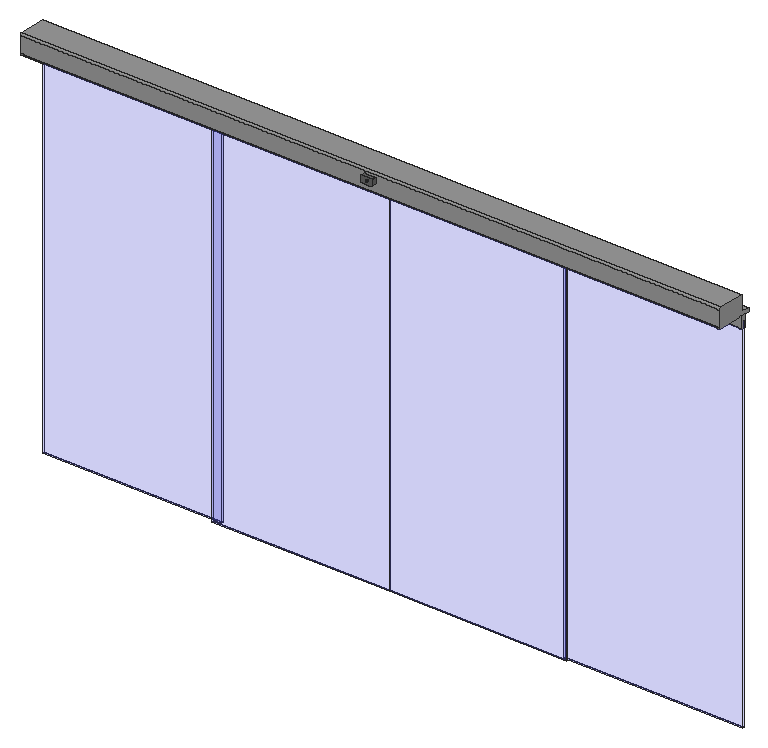
Revit family "2017_Biparting_sliding_fixed", category Puertas, Revit 2017
Family settings
  Anfitrión = Muro
  Número OmniClass = 23.30.10.17.11
  Título OmniClass = Sliding Doors
  Siempre vertical = Sí
  Corte con vacíos al cargar = No
  Compartido = No
  Punto de cálculo de habitación = No
Parameters (values of type "PL 2220 x HL 2400 (A20-1)")
  Uniclass 2.0 Description = "Frameless glass door leaves"  # constant formula
  Uniclass 2.0 Code = "30-59-23-32"  # constant formula
  URL Product = "http://www.manusa.com/es/productos/puertas-automaticas/correderas/puerta-corredera-estandar"
  UNSPSC Code = "30-17-15-10"  # constant formula
  UNSPSC Category = "Automatic doors"  # constant formula
  Top frame = if(or([A20-1], [A20-2], [A20-4]), 1 = 1, 1 = 0)  # yes
  Standard Power Supply 220V [instance] = not(Power supply on request 120V)  # yes
  Safety Control Guide [instance] = if(and([A20-2], [A20-2R], [Safety Guide (optional on A20-2 and A20-2R)]), 1 = 1, 1 = 0)  # no
  Product contact = "Departamento BIM de Manusa"  # constant formula
  Power supply on request 120V [instance] = no
  Power supply [instance] = if(Power supply on request 120V, 120 V, 220 V)  # 220 V
  PL (Free pass) = Calculates PL according to AH  # 2220.000 mm
  Operator = "Manusa Visio 125"  # constant formula
  Opening % Control [instance] = if(Closed, 0, if(Open, 100, Opening %))  # 0
  Opening % = 0
  Open [instance] = no
  Omniclass Title = "Sliding Doors"  # constant formula
  Omniclass Code = "23.30.10.17.11"  # constant formula
  Normal Guide [instance] = if(and(not([Safety Guide (optional on A20-2 and A20-2R)]), or([A20-2], [A20-2R])), 1 = 1, 1 = 0)  # no
  Memory = "BI-PARTING SLIDING DOOR WITH SLIDING AND FIXED LEAVES A20-1 MODEL \r\n\r\nMANUSA automatic sliding door, bi-parting, 2 sliding leaves and 2 fixed leaves, for a space: ……  mm high, ……  mm width, with a ……  mm clear width. The complete doorset is in compliment with the European Standard EN16005 about safety in use in power-operated pedestrian doors. It is composed of the following items:\r\nVISIO 125 operator, certified according to EN60335, composed of: motor group with two three-phase AC motors powered with a single-phase 230V/50Hz network (115V/60Hz on request); position and speed magnetic encoder; control board with performance level “d” according to EN13849 with monitored functioning and motor management system with inverter technology with voltage and frequency independent adjustment (VVVF); Direct Drive transmission (without reduction gear); backup batteries to allow opening and closing of the door in case of power failure (user-configurable). All housed in an extruded aluminium header frame 125 mm high and 180 mm deep in a powder coated / anodized finishing (chart available). Manufactured according to the Standard 9001:1000 of quality management systems.\r\nMANUSA leaves with A20-1 aluminium profiles, consisting of: one top rail 75 mm high and 20 mm thick with a glass fixed with structural silicone, in powder coated / anodized finishing (chart available). Tempered / laminated glass 10 or 12 mm thick.\r\nMANUSA program selector, which allows users to choose between the following modes: automatic, open, closed, exit only and partial opening. This selector is equipped with a digital display that alerts the user of any malfunction, and features as a standard a locking PIN code to protect access to the change-mode function, according to EN16005 for doorsets in escape routes and emergency exits.\r\nMANUSA monitored sensors, with performance level “c” (level “d” if the door is located in escape routes or emergency exits) according to EN13849, in compliance with the Standard EN16005."
  Masterformat Description = "Sliding Composite Doors"  # constant formula
  Masterformat Code = "08-16-73"  # constant formula
  Manual Lock [instance] = no
  Lop (Operator Length) = 2 * PL Control + 100.000 mm  # 4540.000 mm
  Lateral pillar [instance] = no
  URL = "http://www.manusa.com/"
  Opening Projection [instance] = [AM (Mobile Sheet Width)] - (PL Opening Control / 2)  # 1150.000 mm
  Reduced top frame = if(or([A20-1R], [A20-2R]), 1 = 1, 1 = 0)  # no
  IFC Clasification = ""
  HT (Total Height) = [HL (Free Height)] + 125.000 mm  # 2525.000 mm
  HN (Height Required) = [HL (Free Height)] + 135.000 mm  # 2535.000 mm
  HL (Free Height) = HH Control - 28.000 mm  # 2400.000 mm
  HH (hollow height) = 2428.000 mm
  Guides = Plástico puertas correderas manusa
  Glazing = Vidrio Manusa
  Frame = Aluminio Manusa
  Contact phone = "+34 935 915 700"  # constant formula
  Contact Email = " BIM@manusa.com"  # constant formula
  Closed [instance] = yes
  COBie Category = ""
  Bottom frame = if(or([A20-2], [A20-2R], [A20-4]), 1 = 1, 1 = 0)  # no
  PL Control = if([PL (Free pass)] > 2950.000 mm, 2950.000 mm, if([PL (Free pass)] < 950.000 mm, 950.000 mm, [PL (Free pass)]))  # 2220.000 mm
  PL Opening Control [instance] = if(PL Opening > PL Control, PL Control, PL Opening)  # 0.000 mm
  PL Opening [instance] = (Opening % Control / 100) * [PL (Free pass)]  # 0.000 mm
  Safety Guide (optional on A20-2 and A20-2R) [instance] = no
  Admitted glasses = "Laminate 5 + 5mm, Laminate 6 + 6mm, Tempered 10mm, Tempered 12mm"
  Lock NO [instance] = yes
  Automatic Lock [instance] = no
  Modelo = "Automatic Sliding Door"  # constant formula
  Lop Control = if([Lop (Operator Length)] > 6000.000 mm, 6000.000 mm, if([Lop (Operator Length)] < 2000.000 mm, 2000.000 mm, [Lop (Operator Length)]))  # 4540.000 mm
  HL/2 = [HL (Free Height)] / 2  # 1200.000 mm
  HH Control = if([HH (hollow height)] > 3028.000 mm, 3028.000 mm, if([HH (hollow height)] < 1825.000 mm, 1828.000 mm, [HH (hollow height)]))  # 2428.000 mm
  Función = Interior
  Fabricante = "MANUSA"  # constant formula
  Distance to Top Glazing [instance] = if(or([A20-1], [A20-1R], [A20-2], [A20-2R]), 30.000 mm, if([A20-4], 55.000 mm, 0.000 mm))  # 30.000 mm
  Distance Lower Glazing [instance] = if(or([A20-2], [A20-2R]), 30.000 mm, if([A20-4], 55.000 mm, 0.000 mm))  # 0.000 mm
  Descripción = "Central Opening Transparent Sliding Door with 2 Fixed Sheets"  # constant formula
  Type Comments = ""
  Calculates PL according to AH = (AH Control - 100.000 mm) / 2  # 2220.000 mm
  Height side frames = [HN (Height Required)] - 10.000 mm  # 2525.000 mm
  Altura = HH Control  # 2428.000 mm
  Cierre de muro = Por anfitrión
  Anchura = [Lop (Operator Length)]  # 4540.000 mm
  AM (Mobile Sheet Width) = (PL Control / 2) + 40.000 mm  # 1150.000 mm
  AH Control = if([AH (Hollow Width)] > 6000.000 mm, 6000.000 mm, if([AH (Hollow Width)] < 2000.000 mm, 2000.000 mm, [AH (Hollow Width)]))  # 4540.000 mm
  AH (Hollow Width) = 4540.000 mm
  AF (Fixed Sheet Width) = ([Lop (Operator Length)] - 20.000 mm - PL Control) / 2  # 1150.000 mm
  A20-4 = no
  A20-2R = no
  A20-2 = no
  A20-1R = no
  A20-1 = yes
Types (6, lengths in mm): name | Top frame | Normal Guide | Memory | Reduced top frame | Bottom frame | Distance to Top Glazing | Distance Lower Glazing | A20-4 | A20-2R | A20-2 | A20-1R | A20-1
  (no name) | yes | no | "BI-PARTING SLIDING DOOR WITH SLIDING AND FIXED LEAVES A20-1 MODEL \r\n\r\nMANUSA automatic sliding door, bi-parting, 2 sliding leaves and 2 fixed leaves, for a space: ……  mm high, ……  mm width, with a ……  mm clear width. The complete doorset is in compliment with the European Standard EN16005 about safety in use in power-operated pedestrian doors. It is composed of the following items:\r\nVISIO 125 operator, certified according to EN60335, composed of: motor group with two three-phase AC motors powered with a single-phase 230V/50Hz network (115V/60Hz on request); position and speed magnetic encoder; control board with performance level “d” according to EN13849 with monitored functioning and motor management system with inverter technology with voltage and frequency independent adjustment (VVVF); Direct Drive transmission (without reduction gear); backup batteries to allow opening and closing of the door in case of power failure (user-configurable). All housed in an extruded aluminium header frame 125 mm high and 180 mm deep in a powder coated / anodized finishing (chart available). Manufactured according to the Standard 9001:1000 of quality management systems.\r\nMANUSA leaves with A20-1 aluminium profiles, consisting of: one top rail 75 mm high and 20 mm thick with a glass fixed with structural silicone, in powder coated / anodized finishing (chart available). Tempered / laminated glass 10 or 12 mm thick.\r\nMANUSA program selector, which allows users to choose between the following modes: automatic, open, closed, exit only and partial opening. This selector is equipped with a digital display that alerts the user of any malfunction, and features as a standard a locking PIN code to protect access to the change-mode function, according to EN16005 for doorsets in escape routes and emergency exits.\r\nMANUSA monitored sensors, with performance level “c” (level “d” if the door is located in escape routes or emergency exits) according to EN13849, in compliance with the Standard EN16005." | no | no | 30.000 | 0.000 | no | no | no | no | yes
  PL 2220 x HL 2400 (A20-1) | yes | no | "BI-PARTING SLIDING DOOR WITH SLIDING AND FIXED LEAVES A20-1 MODEL \r\n\r\nMANUSA automatic sliding door, bi-parting, 2 sliding leaves and 2 fixed leaves, for a space: ……  mm high, ……  mm width, with a ……  mm clear width. The complete doorset is in compliment with the European Standard EN16005 about safety in use in power-operated pedestrian doors. It is composed of the following items:\r\nVISIO 125 operator, certified according to EN60335, composed of: motor group with two three-phase AC motors powered with a single-phase 230V/50Hz network (115V/60Hz on request); position and speed magnetic encoder; control board with performance level “d” according to EN13849 with monitored functioning and motor management system with inverter technology with voltage and frequency independent adjustment (VVVF); Direct Drive transmission (without reduction gear); backup batteries to allow opening and closing of the door in case of power failure (user-configurable). All housed in an extruded aluminium header frame 125 mm high and 180 mm deep in a powder coated / anodized finishing (chart available). Manufactured according to the Standard 9001:1000 of quality management systems.\r\nMANUSA leaves with A20-1 aluminium profiles, consisting of: one top rail 75 mm high and 20 mm thick with a glass fixed with structural silicone, in powder coated / anodized finishing (chart available). Tempered / laminated glass 10 or 12 mm thick.\r\nMANUSA program selector, which allows users to choose between the following modes: automatic, open, closed, exit only and partial opening. This selector is equipped with a digital display that alerts the user of any malfunction, and features as a standard a locking PIN code to protect access to the change-mode function, according to EN16005 for doorsets in escape routes and emergency exits.\r\nMANUSA monitored sensors, with performance level “c” (level “d” if the door is located in escape routes or emergency exits) according to EN13849, in compliance with the Standard EN16005." | no | no | 30.000 | 0.000 | no | no | no | no | yes
  PL 2220 x HL 2400 (A20-2) | yes | yes | "BI-PARTING SLIDING DOOR WITH SLIDING AND FIXED LEAVES A20-2 MODEL \r\n\r\nMANUSA automatic sliding door, bi-parting, 2 sliding leaves and 2 fixed leaves, for a space: ……  mm high, ……  mm width, with a ……  mm clear width. The complete doorset is in compliment with the European Standard EN16005 about safety in use in power-operated pedestrian doors. It is composed of the following items:\r\nVISIO 125 operator, certified according to EN60335, composed of: motor group with two three-phase AC motors powered with a single-phase 230V/50Hz network (115V/60Hz on request); position and speed magnetic encoder; control board with performance level “d” according to EN13849 with monitored functioning and motor management system with inverter technology with voltage and frequency independent adjustment (VVVF); Direct Drive transmission (without reduction gear); backup batteries to allow opening and closing of the door in case of power failure (user-configurable). All housed in an extruded aluminium header frame 125 mm high and 180 mm deep in a powder coated / anodized finishing (chart available). Manufactured according to the Standard 9001:1000 of quality management systems.\r\nMANUSA leaves with A20-2 aluminium profiles, consisting of: one top rail and one bottom rail 75 mm high and 20 mm thick with a glass fixed with structural silicone, in powder coated / anodized finishing (chart available). Tempered / laminated glass 10 or 12 mm thick.\r\nMANUSA program selector, which allows users to choose between the following modes: automatic, open, closed, exit only and partial opening. This selector is equipped with a digital display that alerts the user of any malfunction, and features as a standard a locking PIN code to protect access to the change-mode function, according to EN16005 for doorsets in escape routes and emergency exits.\r\nMANUSA monitored sensors, with performance level “c” (level “d” if the door is located in escape routes or emergency exits) according to EN13849, in compliance with the Standard EN16005." | no | yes | 30.000 | 30.000 | no | no | yes | no | no
  PL 2220 x HL 2400 (A20-1R) | no | no | "BI-PARTING SLIDING DOOR WITH SLIDING AND FIXED LEAVES A20-1R MODEL\r\n\r\nMANUSA automatic sliding door, bi-parting, 2 sliding leaves and 2 fixed leaves, for a space: ……  mm high, ……  mm width, with a ……  mm clear width. The complete doorset is in compliment with the European Standard EN16005 about safety in use in power-operated pedestrian doors. It is composed of the following items:\r\nVISIO 125 operator, certified according to EN60335, composed of: motor group with two three-phase AC motors powered with a single-phase 230V/50Hz network (115V/60Hz on request); position and speed magnetic encoder; control board with performance level “d” according to EN13849 with monitored functioning and motor management system with inverter technology with voltage and frequency independent adjustment (VVVF); Direct Drive transmission (without reduction gear); backup batteries to allow opening and closing of the door in case of power failure (user-configurable). All housed in an extruded aluminium header frame 125 mm high and 180 mm deep in a powder coated / anodized finishing (chart available). Manufactured according to the Standard 9001:1000 of quality management systems.\r\nMANUSA leaves with A20-1R aluminium profiles, consisting of: one top rail 50 mm high and 20 mm thick with a glass fixed with structural silicone, in powder coated / anodized finishing (chart available). Tempered / laminated glass 10 mm thick.\r\nMANUSA program selector, which allows users to choose between the following modes: automatic, open, closed, exit only and partial opening. This selector is equipped with a digital display that alerts the user of any malfunction, and features as a standard a locking PIN code to protect access to the change-mode function, according to EN16005 for doorsets in escape routes and emergency exits.\r\nMANUSA monitored sensors, with performance level “c” (level “d” if the door is located in escape routes or emergency exits) according to EN13849, in compliance with the Standard EN16005." | yes | no | 30.000 | 0.000 | no | no | no | yes | no
  PL 2220 x HL 2400 (A20-2R) | no | yes | "BI-PARTING SLIDING DOOR WITH SLIDING AND FIXED LEAVES A20-2R MODEL\r\n\r\nMANUSA automatic sliding door, bi-parting, 2 sliding leaves and 2 fixed leaves, for a space: ……  mm high, ……  mm width, with a ……  mm clear width. The complete doorset is in compliment with the European Standard EN16005 about safety in use in power-operated pedestrian doors. It is composed of the following items:\r\nVISIO 125 operator, certified according to EN60335, composed of: motor group with two three-phase AC motors powered with a single-phase 230V/50Hz network (115V/60Hz on request); position and speed magnetic encoder; control board with performance level “d” according to EN13849 with monitored functioning and motor management system with inverter technology with voltage and frequency independent adjustment (VVVF); Direct Drive transmission (without reduction gear); backup batteries to allow opening and closing of the door in case of power failure (user-configurable). All housed in an extruded aluminium header frame 125 mm high and 180 mm deep in a powder coated / anodized finishing (chart available). Manufactured according to the Standard 9001:1000 of quality management systems.\r\nMANUSA leaves with A20-2R aluminium profiles, consisting of: one top rail and one bottom rail 50 mm high and 20 mm thick with a glass fixed with structural silicone, in powder coated / anodized finishing (chart available). Tempered / laminated glass 10 mm thick.\r\nMANUSA program selector, which allows users to choose between the following modes: automatic, open, closed, exit only and partial opening. This selector is equipped with a digital display that alerts the user of any malfunction, and features as a standard a locking PIN code to protect access to the change-mode function, according to EN16005 for doorsets in escape routes and emergency exits.\r\nMANUSA monitored sensors, with performance level “c” (level “d” if the door is located in escape routes or emergency exits) according to EN13849, in compliance with the Standard EN16005." | yes | yes | 30.000 | 30.000 | no | yes | no | no | no
  PL 2220 x HL 2400 (A20-4) | yes | no | "BI-PARTING SLIDING DOOR WITH SLIDING AND FIXED LEAVES A20-4 MODEL \r\n\r\nMANUSA automatic sliding door, bi-parting, 2 sliding leaves and 2 fixed leaves, for a space: ……  mm high, ……  mm width, with a ……  mm clear width. The complete doorset is in compliment with the European Standard EN16005 about safety in use in power-operated pedestrian doors. It is composed of the following items:\r\nVISIO 125 operator, certified according to EN60335, composed of: motor group with two three-phase AC motors powered with a single-phase 230V/50Hz network (115V/60Hz on request); position and speed magnetic encoder; control board with performance level “d” according to EN13849 with monitored functioning and motor management system with inverter technology with voltage and frequency independent adjustment (VVVF); Direct Drive transmission (without reduction gear); backup batteries to allow opening and closing of the door in case of power failure (user-configurable). All housed in an extruded aluminium header frame 125 mm high and 180 mm deep in a powder coated / anodized finishing (chart available). Manufactured according to the Standard 9001:1000 of quality management systems.\r\nMANUSA leaves with A20-4 aluminium profiles, consisting of: full-framed glass with 20 mm thick aluminium profile, in powder coated / anodized finishing (chart available). Tempered / laminated glass 8 or 10 mm thick.\r\nMANUSA program selector, which allows users to choose between the following modes: automatic, open, closed, exit only and partial opening. This selector is equipped with a digital display that alerts the user of any malfunction, and features as a standard a locking PIN code to protect access to the change-mode function, according to EN16005 for doorsets in escape routes and emergency exits.\r\nMANUSA monitored sensors, with performance level “c” (level “d” if the door is located in escape routes or emergency exits) according to EN13849, in compliance with the Standard EN16005." | no | yes | 55.000 | 55.000 | yes | no | no | no | no
Reference planes
  plane 1: y = 0
  plane 2 "Centro (Izquierda/Derecha)": x = 0
  plane 3 "Izquierda": x = -2270
  plane 4 "Derecha": x = 2270
  plane 5: z = 2428
  plane 6 "Exterior": y = 73.975
  plane 7 "Interior": y = -76.025
  plane 8 "AM derecha": x = 1150
  plane 9 "AM izquierda": x = -1150
  plane 10 "AM derecha C": x = 0
  plane 11 "AM izquierda C": x = 0
  plane 12 "AF izquierda": x = -1110
  plane 13 "AF derecha": x = 1110
  plane 14: z = 2535
  plane 15: z = 2400
  plane 16 "HF": y = -63.525
  plane 17 "HM": y = -93.525
  plane 18: z = 1200
Forms (mm)
  Extrusion 1, solid, material "Aluminio Manusa" <- "Frame", visible <- "Lateral pillar", detail levels medium+fine
    sketch origin (0, 0, 0) x (1, 0, 0) y (0, 1, 0)
      loop
        arc (2273, -76.025) -> (2270.879, -76.904) -> (2270, -79.025) r 3
        line (2270, -79.025) -> (2270, -140.868) -> (2271.122, -140.868) -> (2270, -142.356) -> (2270, -145.829) -> (2320, -145.829) -> (2320, -142.356) -> (2318.878, -140.868) -> (2320, -140.868) -> (2320, -79.025)
        arc (2320, -79.025) -> (2319.121, -76.904) -> (2317, -76.025) r 3
        line (2317, -76.025) -> (2273, -76.025)
      loop
        line (-2273, -76.025) -> (-2317, -76.025)
        arc (-2317, -76.025) -> (-2319.121, -76.904) -> (-2320, -79.025) r 3
        line (-2320, -79.025) -> (-2320, -140.868) -> (-2318.878, -140.868) -> (-2320, -142.356) -> (-2320, -145.829) -> (-2270, -145.829) -> (-2270, -142.356) -> (-2271.122, -140.868) -> (-2270, -140.868) -> (-2270, -79.025)
        arc (-2270, -79.025) -> (-2270.879, -76.904) -> (-2273, -76.025) r 3
    from 0 to 2525 <- "Height side frames"
  Extrusion 2, solid, material "Aluminio Manusa" <- "Frame", detail levels medium+fine
    sketch origin (0, 0, 0) x (0, 1, 0) y (0, 0, 1)
      loop
        line (-76.025, 2428) -> (-76.025, 2525.001) -> (-245.061, 2525.001)
        arc (-245.061, 2525.001) -> (-252.132, 2522.072) -> (-255.061, 2515.001) r 10
        line (-255.061, 2515.001) -> (-255.061, 2410.001)
        arc (-255.061, 2410.001) -> (-252.132, 2402.93) -> (-245.061, 2400.001) r 10
        line (-245.061, 2400.001) -> (-106.025, 2400.001) -> (-106.025, 2408) -> (-76.025, 2408) -> (-76.025, 2400) -> (-26.025, 2400) -> (-26.025, 2428) -> (-76.025, 2428)
    from -2270 to 2270
  Extrusion 3, solid, material "Plástico puertas correderas manusa" <- "Guides", visible <- "Normal Guide", detail levels fine
    sketch origin (-1110, 0, 0) x (0, 0, 1) y (0, -1, 0)
      loop
        line (18, 90.525) -> (18, 96.525) -> (3, 96.525) -> (3, 105.007) -> (18, 105.007) -> (18, 109.007) -> (14.991, 109.007)
        arc (14.991, 109.007) -> (14.284, 109.3) -> (13.991, 110.007) r 1
        line (13.991, 110.007) -> (6.25, 132.495)
        arc (6.25, 132.495) -> (4.659, 133.323) -> (2.877, 133.526) r 4.922
        line (2.877, 133.526) -> (0, 133.526) -> (0, 76.025) -> (3, 76.025) -> (3, 90.525) -> (18, 90.525)
    from -80 to 0
  Extrusion 4, solid, material "Plástico puertas correderas manusa" <- "Guides", detail levels fine
    sketch origin (0, -76.025, 0) x (1, 0, 0) y (0, 0, 1)
      loop
        arc (-37.5, 2460.593) -> (0, 2455.986) -> (37.5, 2460.593) r 154.914
        line (37.5, 2460.593) -> (37.5, 2497.062)
        arc (37.5, 2497.062) -> (36.466, 2499.559) -> (33.968, 2500.593) r 3.532
        line (33.968, 2500.593) -> (-33.968, 2500.593)
        arc (-33.968, 2500.593) -> (-36.466, 2499.559) -> (-37.5, 2497.062) r 3.532
        line (-37.5, 2497.062) -> (-37.5, 2460.593)
    from 179.036 to 205
  Extrusion 5, solid, material "Vidrio Manusa" <- "Glazing"
    sketch origin (0, -0.012, 0) x (1, 0, 0) y (0, 1, 0)
      loop
        line (-1110, -57.513) -> (-2270, -57.513) -> (-2270, -69.513) -> (-1110, -69.513) -> (-1110, -57.513)
      loop
        line (1110, -57.513) -> (1110, -69.513) -> (2270, -69.513) -> (2270, -57.513) -> (1110, -57.513)
    from 0 to 2370
  Extrusion 6, solid, material "Aluminio Manusa" <- "Frame", visible <- "Top frame", detail levels medium+fine
    sketch origin (1110, 165, 1972) x (0, 0, -1) y (0, -1, 0)
      loop
        arc (-354.5, 216.025) -> (-353.439, 216.465) -> (-353, 217.525) r 1.5
        line (-353, 217.525) -> (-353, 221.511) -> (-398, 221.511) -> (-398, 235.54) -> (-353, 235.54) -> (-353, 239.525)
        arc (-353, 239.525) -> (-353.439, 240.586) -> (-354.5, 241.025) r 1.5
        line (-354.5, 241.025) -> (-428, 241.025) -> (-428, 216.025) -> (-354.5, 216.025)
    from 0 to -1160
  Extrusion 7, solid, material "Aluminio Manusa" <- "Frame", visible <- "Bottom frame", detail levels medium+fine
    sketch origin (1110, 165, 0) x (0, 0, 1) y (0, 1, 0)
      loop
        line (73.5, -216.025) -> (0, -216.025) -> (0, -241.025) -> (73.5, -241.025)
        arc (73.5, -241.025) -> (74.561, -240.586) -> (75, -239.525) r 1.5
        line (75, -239.525) -> (75, -235.54) -> (30, -235.54) -> (30, -221.511) -> (75, -221.511) -> (75, -217.525)
        arc (75, -217.525) -> (74.561, -216.465) -> (73.5, -216.025) r 1.5
    from 0 to -1160
  Extrusion 8, solid, material "Aluminio Manusa" <- "Frame", visible <- "Bottom frame", detail levels medium+fine
    sketch origin (-1110, -100, 0) x (0, 0, 1) y (0, -1, 0)
      loop
        arc (73.5, -48.975) -> (74.561, -48.535) -> (75, -47.475) r 1.5
        line (75, -47.475) -> (75, -43.489) -> (30, -43.489) -> (30, -29.46) -> (75, -29.46) -> (75, -25.475)
        arc (75, -25.475) -> (74.561, -24.414) -> (73.5, -23.975) r 1.5
        line (73.5, -23.975) -> (0, -23.975) -> (0, -48.975) -> (73.5, -48.975)
    from 0 to -1160
  Extrusion 9, solid, material "Aluminio Manusa" <- "Frame", visible <- "Bottom frame", detail levels medium+fine
    sketch origin (-1110, -127.5, 8) x (0, 0, 1) y (0, -1, 0)
      loop
        arc (73.5, -46.475) -> (74.561, -46.035) -> (75, -44.975) r 1.5
        line (75, -44.975) -> (75, -40.989) -> (30, -40.989) -> (30, -26.96) -> (75, -26.96) -> (75, -22.975)
        arc (75, -22.975) -> (74.561, -21.914) -> (73.5, -21.475) r 1.5
        line (73.5, -21.475) -> (0, -21.475) -> (0, -26.96) -> (20, -26.96) -> (20, -40.989) -> (0, -40.989) -> (0, -46.475) -> (73.5, -46.475)
    from 1110 to -40
  Extrusion 10, solid, material "Aluminio Manusa" <- "Frame", visible <- "Bottom frame", detail levels medium+fine
    sketch origin (1110, 100, 0) x (0, 0, 1) y (0, 1, 0)
      loop
        line (81.5, -181.025) -> (8, -181.025) -> (8, -186.511) -> (28, -186.511) -> (28, -200.539) -> (8, -200.539) -> (8, -206.025) -> (81.5, -206.025)
        arc (81.5, -206.025) -> (82.561, -205.585) -> (83, -204.525) r 1.5
        line (83, -204.525) -> (83, -200.539) -> (38, -200.539) -> (38, -186.511) -> (83, -186.511) -> (83, -182.525)
        arc (83, -182.525) -> (82.561, -181.464) -> (81.5, -181.025) r 1.5
    from 1110 to -40
  Extrusion 11, solid, material "Aluminio Manusa" <- "Frame", visible <- "Top frame", detail levels medium+fine
    sketch origin (-1110, -100, 0) x (0, 0, 1) y (0, -1, 0)
      loop
        line (2326.5, -48.975) -> (2400, -48.975) -> (2400, -23.975) -> (2326.5, -23.975)
        arc (2326.5, -23.975) -> (2325.439, -24.414) -> (2325, -25.475) r 1.5
        line (2325, -25.475) -> (2325, -29.46) -> (2370, -29.46) -> (2370, -43.489) -> (2325, -43.489) -> (2325, -47.475)
        arc (2325, -47.475) -> (2325.439, -48.535) -> (2326.5, -48.975) r 1.5
    from 0 to -1160
  Extrusion 12, solid, material "Aluminio Manusa" <- "Frame", visible <- "Top frame", detail levels medium+fine
    sketch origin (-1110, -127.5, 8) x (0, 0, 1) y (0, -1, 0)
      loop
        line (2326.5, -46.475) -> (2400, -46.475) -> (2400, -21.475) -> (2326.5, -21.475)
        arc (2326.5, -21.475) -> (2325.439, -21.914) -> (2325, -22.975) r 1.5
        line (2325, -22.975) -> (2325, -26.96) -> (2370, -26.96) -> (2370, -40.989) -> (2325, -40.989) -> (2325, -44.975)
        arc (2325, -44.975) -> (2325.439, -46.035) -> (2326.5, -46.475) r 1.5
    from 1110 to -40
  Extrusion 13, solid, material "Plástico puertas correderas manusa" <- "Guides", visible <- "Normal Guide", detail levels fine
    sketch origin (1110, 100, 0) x (0, 0, 1) y (0, 1, 0)
      loop
        line (18, -190.525) -> (3, -190.525) -> (3, -176.025) -> (0, -176.025) -> (0, -233.526) -> (2.877, -233.526)
        arc (2.877, -233.526) -> (4.659, -233.323) -> (6.25, -232.495) r 4.922
        line (6.25, -232.495) -> (13.991, -210.007)
        arc (13.991, -210.007) -> (14.284, -209.3) -> (14.991, -209.007) r 1
        line (14.991, -209.007) -> (18, -209.007) -> (18, -205.007) -> (3, -205.007) -> (3, -196.525) -> (18, -196.525) -> (18, -190.525)
    from -80 to 0
  Extrusion 14, solid, material "Aluminio Manusa" <- "Frame", visible <- "Top frame", detail levels medium+fine
    sketch origin (1110, 100, 0) x (0, 0, 1) y (0, 1, 0)
      loop
        arc (2334.5, -181.025) -> (2333.439, -181.465) -> (2333, -182.525) r 1.5
        line (2333, -182.525) -> (2333, -186.511) -> (2378, -186.511) -> (2378, -200.539) -> (2333, -200.539) -> (2333, -204.525)
        arc (2333, -204.525) -> (2333.439, -205.585) -> (2334.5, -206.025) r 1.5
        line (2334.5, -206.025) -> (2408, -206.025) -> (2408, -181.025) -> (2334.5, -181.025)
    from 1110 to -40
  Extrusion 15, solid, material "Plástico puertas correderas manusa" <- "Guides", visible <- "Safety Control Guide", detail levels fine
    sketch origin (2270, 0, 0) x (0, -1, 0) y (0, 0, 1)
      loop
        line (76.025, 0) -> (81.025, 0) -> (81.025, -22) -> (106.025, -22) -> (106.025, 0) -> (108.525, 0) -> (108.525, 1.5) -> (100.025, 1.5) -> (100.025, -2.675) -> (102.025, -2.675) -> (102.025, -17.675) -> (85.025, -17.675) -> (85.025, -2.675) -> (87.025, -2.675) -> (87.025, 1.5) -> (76.025, 1.5) -> (76.025, 0)
    from 0 to 4540 <- "Lop Control"
  Extrusion 16, solid, material "Aluminio Manusa" <- "Frame", detail levels fine
    sketch origin (0, -76.025, 0) x (1, 0, 0) y (0, 0, 1)
      loop
        circle (0, 2478.827) r 7.423
      loop
        line (2.981, 2481.968) -> (-2.981, 2481.968) -> (-2.981, 2480.863) -> (2.981, 2480.863) -> (2.981, 2481.968)
      loop
        line (-1.471, 2479.873) -> (-4.326, 2479.873) -> (-4.326, 2475.739) -> (-1.471, 2475.739) -> (-1.471, 2479.873)
      loop
        line (1.471, 2479.873) -> (1.471, 2475.739) -> (4.326, 2475.739) -> (4.326, 2479.873) -> (1.471, 2479.873)
    from 205 to 206
  Extrusion 17, solid, material "Vidrio Manusa" <- "Glazing"
    sketch origin (0, 0, 0) x (1, 0, 0) y (0, 1, 0)
      loop
        line (-1150, -99.525) -> (0, -99.525) -> (0, -87.525) -> (-1150, -87.525) -> (-1150, -99.525)
    from 2378 to 8
  Extrusion 18, solid, material "Vidrio Manusa" <- "Glazing"
    sketch origin (0, 0, 0) x (1, 0, 0) y (0, 1, 0)
      loop
        line (0, -99.525) -> (1150, -99.525) -> (1150, -87.525) -> (0, -87.525) -> (0, -99.525)
    from 8 to 2378
  Extrusion 19, solid, material "Plástico puertas correderas manusa" <- "Guides", visible <- "Safety Control Guide", detail levels fine
    sketch origin (-1150, 0, 0) x (0, 0, 1) y (0, 1, 0)
      loop
        line (27, -87.511) -> (15, -87.511) -> (15, -91.511) -> (7, -91.511) -> (7, -88.511) -> (-13, -88.511) -> (-13, -98.539) -> (7, -98.539) -> (7, -95.539) -> (15, -95.539) -> (15, -99.539) -> (27, -99.539) -> (27, -87.511)
    from 0 to -1150
  Extrusion 20, solid, material "Plástico puertas correderas manusa" <- "Guides", visible <- "Safety Control Guide", detail levels fine
    sketch origin (1150, 0, 0) x (0, 0, 1) y (0, -1, 0)
      loop
        line (27, 87.511) -> (27, 99.539) -> (15, 99.539) -> (15, 95.539) -> (7, 95.539) -> (7, 98.539) -> (-13, 98.539) -> (-13, 88.511) -> (7, 88.511) -> (7, 91.511) -> (15, 91.511) -> (15, 87.511) -> (27, 87.511)
    from 0 to -1150
  Extrusion 21, solid, material "Aluminio Manusa" <- "Frame", visible <- "Reduced top frame", detail levels medium+fine
    sketch origin (1110, 165, 1997) x (0, 0, -1) y (0, -1, 0)
      loop
        arc (-354.5, 216.025) -> (-353.439, 216.465) -> (-353, 217.525) r 1.5
        line (-353, 217.525) -> (-353, 221.511) -> (-373, 221.511) -> (-373, 235.54) -> (-353, 235.54) -> (-353, 239.525)
        arc (-353, 239.525) -> (-353.439, 240.586) -> (-354.5, 241.025) r 1.5
        line (-354.5, 241.025) -> (-403, 241.025) -> (-403, 216.025) -> (-354.5, 216.025)
    from 0 to -1160
  Extrusion 22, solid, material "Aluminio Manusa" <- "Frame", visible <- "Reduced top frame", detail levels medium+fine
    sketch origin (1110, 100, 25) x (0, 0, 1) y (0, 1, 0)
      loop
        arc (2334.5, -181.025) -> (2333.439, -181.465) -> (2333, -182.525) r 1.5
        line (2333, -182.525) -> (2333, -186.511) -> (2353, -186.511) -> (2353, -200.539) -> (2333, -200.539) -> (2333, -204.525)
        arc (2333, -204.525) -> (2333.439, -205.585) -> (2334.5, -206.025) r 1.5
        line (2334.5, -206.025) -> (2383, -206.025) -> (2383, -181.025) -> (2334.5, -181.025)
    from 1110 to -40
  Extrusion 23, solid, material "Aluminio Manusa" <- "Frame", visible <- "Reduced top frame", detail levels medium+fine
    sketch origin (-1110, 165, 1997) x (0, 0, -1) y (0, 1, 0)
      loop
        line (-354.5, -216.025) -> (-403, -216.025) -> (-403, -241.025) -> (-354.5, -241.025)
        arc (-354.5, -241.025) -> (-353.439, -240.586) -> (-353, -239.525) r 1.5
        line (-353, -239.525) -> (-353, -235.54) -> (-373, -235.54) -> (-373, -221.511) -> (-353, -221.511) -> (-353, -217.525)
        arc (-353, -217.525) -> (-353.439, -216.465) -> (-354.5, -216.025) r 1.5
    from 0 to -1160
  Extrusion 24, solid, material "Aluminio Manusa" <- "Frame", visible <- "Reduced top frame", detail levels medium+fine
    sketch origin (-1110, 100, 25) x (0, 0, 1) y (0, -1, 0)
      loop
        line (2334.5, 181.025) -> (2383, 181.025) -> (2383, 206.025) -> (2334.5, 206.025)
        arc (2334.5, 206.025) -> (2333.439, 205.585) -> (2333, 204.525) r 1.5
        line (2333, 204.525) -> (2333, 200.539) -> (2353, 200.539) -> (2353, 186.511) -> (2333, 186.511) -> (2333, 182.525)
        arc (2333, 182.525) -> (2333.439, 181.465) -> (2334.5, 181.025) r 1.5
    from 1110 to -40
  Extrusion 25, solid, material "Aluminio Manusa" <- "Frame", visible <- "A20-4"
    sketch origin (0, 0, 0) x (0, 1, 0) y (0, 0, 1)
      loop
        line (-100.539, 38) -> (-86.511, 38) -> (-86.511, 63) -> (-100.539, 63) -> (-100.539, 38)
    from 0 to 1150
  Extrusion 26, solid, material "Aluminio Manusa" <- "Frame", visible <- "A20-4"
    sketch origin (0, 30, -8) x (0, 1, 0) y (0, 0, 1)
      loop
        line (-100.539, 38) -> (-86.511, 38) -> (-86.511, 63) -> (-100.539, 63) -> (-100.539, 38)
    from 1110 to 2270
  Extrusion 27, solid, material "Aluminio Manusa" <- "Frame", visible <- "A20-4"
    sketch origin (0, 0, 0) x (0, 1, 0) y (0, 0, -1)
      loop
        line (-100.539, -38) -> (-100.539, -63) -> (-86.511, -63) -> (-86.511, -38) -> (-100.539, -38)
    from 0 to 1150
  Extrusion 28, solid, material "Aluminio Manusa" <- "Frame", visible <- "A20-4"
    sketch origin (0, 30, -8) x (0, 1, 0) y (0, 0, -1)
      loop
        line (-100.539, -38) -> (-100.539, -63) -> (-86.511, -63) -> (-86.511, -38) -> (-100.539, -38)
    from 1110 to 2270
Lines and regions (mm)
  Opening 1
    outline origin (-3050, -76.025, 0) x (1, 0, 0) y (0, 0, 1)
      loop
        line (780, 0) -> (5320, 0) -> (5320, 2428) -> (780, 2428) -> (780, 0)
  symbolic lines, style "DoorsGlassProjection"
    curve 1: line (-90, -76.025, 1150) -> (-90, -76.025, 1250)
    curve 2: line (-90, -76.025, 1250) -> (-330, -76.025, 1250)
    curve 3: line (-330, -76.025, 1250) -> (-330, -76.025, 1320)
    curve 4: line (-330, -76.025, 1320) -> (-450, -76.025, 1200)
    curve 5: line (-90, -76.025, 1150) -> (-330, -76.025, 1150)
    curve 6: line (-330, -76.025, 1150) -> (-330, -76.025, 1080)
    curve 7: line (-330, -76.025, 1080) -> (-450, -76.025, 1200)
    curve 11: line (90, -76.025, 1150) -> (90, -76.025, 1250)
    curve 12: line (90, -76.025, 1250) -> (330, -76.025, 1250)
    curve 13: line (330, -76.025, 1250) -> (330, -76.025, 1320)
    curve 14: line (330, -76.025, 1320) -> (450, -76.025, 1200)
    curve 15: line (90, -76.025, 1150) -> (330, -76.025, 1150)
    curve 16: line (330, -76.025, 1150) -> (330, -76.025, 1080)
    curve 17: line (330, -76.025, 1080) -> (450, -76.025, 1200)
    curve 18: line (-1110, -57.525, 0) -> (-2270, -57.525, 0)
    curve 19: line (-1110, -69.525, 0) -> (-1110, -57.525, 0)
    curve 20: line (-2270, -69.525, 0) -> (-1110, -69.525, 0)
    curve 21: line (-2270, -57.525, 0) -> (-2270, -69.525, 0)
    curve 22: line (0, -87.525, 0) -> (-1150, -87.525, 0)
    curve 23: line (0, -99.525, 0) -> (0, -87.525, 0)
    curve 24: line (-1150, -99.525, 0) -> (0, -99.525, 0)
    curve 25: line (-1150, -87.525, 0) -> (-1150, -99.525, 0)
    curve 26: line (1150, -87.525, 0) -> (0, -87.525, 0)
    curve 27: line (1150, -99.525, 0) -> (1150, -87.525, 0)
    curve 28: line (0, -99.525, 0) -> (1150, -99.525, 0)
    curve 29: line (0, -87.525, 0) -> (0, -99.525, 0)
    curve 30: line (2270, -57.525, 0) -> (1110, -57.525, 0)
    curve 31: line (2270, -69.525, 0) -> (2270, -57.525, 0)
    curve 32: line (1110, -69.525, 0) -> (2270, -69.525, 0)
    curve 33: line (1110, -57.525, 0) -> (1110, -69.525, 0)
  symbolic lines, style "DoorsHiddenLines"
    curve 8: line (-2270, -76.025, 0) -> (-2270, -256.025, 0)
    curve 9: line (-2270, -256.025, 0) -> (2270, -256.025, 0)
    curve 10: line (2270, -256.025, 0) -> (2270, -76.025, 0)
Text (mm)
  text "Exterior" at (-2295.016, 1099.543, 0), in view "Nivel de referencia"
  text "Exterior" at (0, 1615.38, 3698.081), in view "Izquierda"
  text "Exterior" at (0, 1036.032, 3874.932), in view "Derecha"
Dimensions and locks
  equal spacing: plane 3 "Izquierda", plane 2 "Centro (Izquierda/Derecha)", plane 4 "Derecha"
  "Lop Control": plane 3 "Izquierda" to plane 4 "Derecha"
  host wall to plane 5 = 2752.572 mm  (x2)
  locked: plane 6 "Exterior" to host wall at 0
  locked: plane 7 "Interior" to host wall
  plane 4 "Derecha" to Extrusion 1 sketch curve to Extrusion 1 sketch curve to Extrusion 1 sketch curve to Extrusion 1 sketch curve = 1.122 mm locked, 47.756 mm locked, 1.122 mm locked, 0.000 mm locked
  Extrusion 1 sketch curve to Extrusion 1 sketch curve to Extrusion 1 sketch curve to Extrusion 1 sketch curve to Extrusion 1 sketch curve to Extrusion 1 sketch curve to Extrusion 1 sketch curve to plane 7 "Interior" = 3.473 mm locked, 0.000 mm locked, 1.489 mm locked, 0.000 mm locked, 61.843 mm locked, 0.000 mm locked, 3.000 mm locked  (x2)
  Extrusion 1 sketch curve to Extrusion 1 sketch curve to Extrusion 1 sketch curve to Extrusion 1 sketch curve to Extrusion 1 sketch curve to Extrusion 1 sketch curve to plane 3 "Izquierda" = 0.000 mm locked, 1.122 mm locked, 1.878 mm locked, 44.000 mm locked, 1.878 mm locked, 1.122 mm locked
  "PL Opening Control": plane 11 "AM izquierda C" to plane 10 "AM derecha C"
  equal spacing: plane 11 "AM izquierda C", plane 2 "Centro (Izquierda/Derecha)", plane 10 "AM derecha C"
  "HL (Free Height)": plane 15 to level
  "HN (Height Required)": plane 14 to level
  Extrusion 3 to plane 12 "AF izquierda" = 80.000 mm
  "PL Control": plane 13 "AF derecha" to plane 12 "AF izquierda"
  equal spacing: plane 13 "AF derecha", plane 2 "Centro (Izquierda/Derecha)", plane 12 "AF izquierda"
  locked: plane 16 "HF" to plane 7 "Interior" at 12.5
  Extrusion 6 sketch curve to Extrusion 6 sketch curve to Extrusion 6 sketch curve to plane 16 "HF" = 1.500 mm locked, 3.986 mm locked, 7.014 mm locked
  plane 16 "HF" to Extrusion 6 sketch curve to Extrusion 6 sketch curve to Extrusion 6 sketch curve = 7.014 mm locked, 3.985 mm locked, 1.500 mm locked
  Extrusion 6 sketch curve to Extrusion 6 sketch curve to Extrusion 6 sketch curve to Extrusion 6 sketch curve to Extrusion 6 sketch curve to plane 15 = 0.000 mm locked, 1.500 mm locked, 0.000 mm locked, 43.500 mm, 30.000 mm
  Extrusion 2 sketch curve to Extrusion 2 sketch curve to Extrusion 2 sketch curve to Extrusion 2 sketch curve to Extrusion 2 sketch curve = 30.000 mm locked, 139.036 mm locked, 0.000 mm locked, 10.000 mm locked
  plane 5 to Extrusion 2 sketch curve to Extrusion 2 sketch curve = 87.001 mm locked, 10.000 mm locked
  Extrusion 2 sketch curve to Extrusion 2 sketch curve to Extrusion 2 sketch curve to Extrusion 2 sketch curve to plane 5 = 0.001 mm locked, 7.999 mm locked, 2.001 mm locked, 17.999 mm locked
  locked: plane 7 "Interior" to plane 17 "HM" at 17.5
  Extrusion 7 sketch curve to Extrusion 7 sketch curve to Extrusion 7 sketch curve to plane 16 "HF" = 1.500 mm locked, 3.986 mm locked, 7.014 mm locked
  plane 16 "HF" to Extrusion 7 sketch curve to Extrusion 7 sketch curve to Extrusion 7 sketch curve = 7.014 mm locked, 3.985 mm locked, 1.500 mm locked
  Extrusion 7 sketch curve to Extrusion 7 sketch curve to Extrusion 7 sketch curve to Extrusion 7 sketch curve to Extrusion 7 sketch curve to level = 0.000 mm locked, 1.500 mm locked, 0.000 mm locked, 43.500 mm, 30.000 mm
  Extrusion 8 sketch curve to Extrusion 8 sketch curve to Extrusion 8 sketch curve to Extrusion 8 sketch curve to Extrusion 8 sketch curve to level = 0.000 mm locked, 1.500 mm locked, 0.000 mm locked, 43.500 mm, 30.000 mm
  Extrusion 8 sketch curve to Extrusion 8 sketch curve to Extrusion 8 sketch curve to plane 16 "HF" = 1.500 mm locked, 3.986 mm locked, 7.014 mm locked
  plane 16 "HF" to Extrusion 8 sketch curve to Extrusion 8 sketch curve to Extrusion 8 sketch curve = 7.014 mm locked, 3.985 mm locked, 1.500 mm locked
  Extrusion 9 sketch curve to Extrusion 9 sketch curve to Extrusion 9 sketch curve to Extrusion 9 sketch curve to Extrusion 9 sketch curve to Extrusion 9 sketch curve to Extrusion 9 sketch curve to Extrusion 9 sketch curve to level = 0.000 mm locked, 1.500 mm locked, 0.000 mm locked, 43.500 mm, 10.000 mm, 20.000 mm locked, 0.000 mm locked, 8.000 mm locked
  Extrusion 9 sketch curve to Extrusion 9 sketch curve to Extrusion 9 sketch curve to Extrusion 9 sketch curve to plane 17 "HM" = 1.500 mm locked, 3.986 mm locked, 0.000 mm locked, 7.014 mm locked
  plane 17 "HM" to Extrusion 9 sketch curve to Extrusion 9 sketch curve to Extrusion 9 sketch curve to Extrusion 9 sketch curve = 7.014 mm locked, 0.000 mm locked, 3.985 mm locked, 1.500 mm locked
  Extrusion 10 sketch curve to Extrusion 10 sketch curve to Extrusion 10 sketch curve to Extrusion 10 sketch curve to Extrusion 10 sketch curve to Extrusion 10 sketch curve to Extrusion 10 sketch curve to Extrusion 10 sketch curve to level = 0.000 mm locked, 1.500 mm locked, 0.000 mm locked, 43.500 mm, 10.000 mm, 20.000 mm locked, 0.000 mm locked, 8.000 mm locked
  Extrusion 10 sketch curve to Extrusion 10 sketch curve to Extrusion 10 sketch curve to Extrusion 10 sketch curve to plane 17 "HM" = 1.500 mm locked, 3.986 mm locked, 0.000 mm locked, 7.014 mm locked
  plane 17 "HM" to Extrusion 10 sketch curve to Extrusion 10 sketch curve to Extrusion 10 sketch curve to Extrusion 10 sketch curve = 7.014 mm locked, 0.000 mm locked, 3.985 mm locked, 1.500 mm locked
  Extrusion 11 sketch curve to Extrusion 11 sketch curve to Extrusion 11 sketch curve to Extrusion 11 sketch curve to Extrusion 11 sketch curve to plane 15 = 0.000 mm locked, 1.500 mm locked, 0.000 mm locked, 43.500 mm, 30.000 mm
  Extrusion 11 sketch curve to Extrusion 11 sketch curve to Extrusion 11 sketch curve to plane 16 "HF" = 1.500 mm locked, 3.986 mm locked, 7.014 mm locked
  plane 16 "HF" to Extrusion 11 sketch curve to Extrusion 11 sketch curve to Extrusion 11 sketch curve = 7.014 mm locked, 3.985 mm locked, 1.500 mm locked
  Extrusion 12 sketch curve to Extrusion 12 sketch curve to Extrusion 12 sketch curve to plane 17 "HM" = 1.500 mm locked, 3.986 mm locked, 7.014 mm locked
  plane 17 "HM" to Extrusion 12 sketch curve to Extrusion 12 sketch curve to Extrusion 12 sketch curve = 7.014 mm locked, 3.985 mm locked, 1.500 mm locked
  locked: plane 15 to Extrusion 12 sketch curve at 8
  Extrusion 12 sketch curve to Extrusion 12 sketch curve to Extrusion 12 sketch curve to Extrusion 12 sketch curve to Extrusion 12 sketch curve to plane 15 = 0.000 mm locked, 1.500 mm locked, 0.000 mm locked, 43.500 mm, 22.000 mm
  "Distance to Top Glazing": Extrusion 5 to plane 15
  "Distance Lower Glazing": Extrusion 5 to level
  Extrusion 3 sketch curve to Extrusion 3 sketch curve to Extrusion 3 sketch curve to Extrusion 3 sketch curve to Extrusion 3 sketch curve to Extrusion 3 sketch curve to level = 0.000 mm locked, 3.009 mm locked, 11.771 mm locked, 0.220 mm locked, 0.000 mm locked, 3.000 mm locked
  plane 7 "Interior" to Extrusion 3 sketch curve to Extrusion 3 sketch curve to Extrusion 3 sketch curve to Extrusion 3 sketch curve to Extrusion 3 sketch curve to Extrusion 3 sketch curve to Extrusion 3 sketch curve = 14.500 mm locked, 6.000 mm locked, 8.482 mm locked, 4.000 mm locked, 1.000 mm locked, 18.609 mm locked, 4.910 mm locked
  Extrusion 13 sketch curve to Extrusion 13 sketch curve to Extrusion 13 sketch curve to Extrusion 13 sketch curve to Extrusion 13 sketch curve to Extrusion 13 sketch curve to level = 0.000 mm locked, 3.009 mm locked, 11.771 mm locked, 0.220 mm locked, 0.000 mm locked, 3.000 mm locked
  plane 7 "Interior" to Extrusion 13 sketch curve to Extrusion 13 sketch curve to Extrusion 13 sketch curve to Extrusion 13 sketch curve to Extrusion 13 sketch curve to Extrusion 13 sketch curve to Extrusion 13 sketch curve = 14.500 mm locked, 6.000 mm locked, 8.482 mm locked, 4.000 mm locked, 1.000 mm locked, 18.609 mm locked, 4.910 mm locked
  locked: plane 13 "AF derecha" to Extrusion 13 at 80
  locked: plane 15 to Extrusion 14 sketch curve at 8
  Extrusion 14 sketch curve to Extrusion 14 sketch curve to Extrusion 14 sketch curve to Extrusion 14 sketch curve to Extrusion 14 sketch curve to plane 15 = 0.000 mm locked, 1.500 mm locked, 0.000 mm locked, 43.500 mm, 22.000 mm
  Extrusion 14 sketch curve to Extrusion 14 sketch curve to Extrusion 14 sketch curve to plane 17 "HM" = 1.500 mm locked, 3.986 mm locked, 7.014 mm locked
  plane 17 "HM" to Extrusion 14 sketch curve to Extrusion 14 sketch curve to Extrusion 14 sketch curve = 7.014 mm locked, 3.985 mm locked, 1.500 mm locked
  plane 7 "Interior" to Extrusion 15 sketch curve to Extrusion 15 sketch curve to Extrusion 15 sketch curve to Extrusion 15 sketch curve to Extrusion 15 sketch curve to Extrusion 15 sketch curve to Extrusion 15 sketch curve = 5.000 mm locked, 4.000 mm locked, 2.000 mm locked, 13.000 mm locked, 2.000 mm locked, 4.000 mm locked, 2.500 mm locked
  Extrusion 15 sketch curve to Extrusion 15 sketch curve to level = 0.000 mm locked, 1.500 mm locked
  level to Extrusion 15 sketch curve to Extrusion 15 sketch curve to Extrusion 15 sketch curve to Extrusion 15 sketch curve = 2.675 mm locked, 0.000 mm locked, 15.000 mm locked, 4.325 mm locked
  locked: Extrusion 4 to Extrusion 16 sketch curve at 21.766
  equal spacing: Extrusion 17 sketch curve, plane 17 "HM", Extrusion 17 sketch curve
  equal spacing: Extrusion 18 sketch curve, plane 17 "HM", Extrusion 18 sketch curve, locked at 6 each
  "Distance to Top Glazing": Extrusion 17 to Extrusion 2
  "Distance Lower Glazing": Extrusion 9 to Extrusion 17
  "Distance Lower Glazing": Extrusion 9 to Extrusion 18
  "Distance to Top Glazing": Extrusion 18 to Extrusion 2
  Extrusion 19 sketch curve to Extrusion 19 sketch curve to Extrusion 19 sketch curve to plane 17 "HM" = 1.000 mm locked, 3.000 mm locked, 2.014 mm locked
  plane 17 "HM" to Extrusion 19 sketch curve to Extrusion 19 sketch curve to Extrusion 19 sketch curve = 2.014 mm locked, 3.000 mm locked, 1.000 mm locked
  locked: level to Extrusion 19 sketch curve at 13
  Extrusion 19 sketch curve to Extrusion 19 sketch curve to Extrusion 19 sketch curve to Extrusion 19 sketch curve to Extrusion 19 sketch curve to level = 12.000 mm locked, 0.000 mm locked, 8.000 mm locked, 0.000 mm locked, 7.000 mm locked
  Extrusion 20 sketch curve to Extrusion 20 sketch curve to Extrusion 20 sketch curve to plane 17 "HM" = 1.000 mm locked, 3.000 mm locked, 2.014 mm locked
  plane 17 "HM" to Extrusion 20 sketch curve to Extrusion 20 sketch curve to Extrusion 20 sketch curve = 2.014 mm locked, 3.000 mm locked, 1.000 mm locked
  locked: level to Extrusion 20 sketch curve at 13
  Extrusion 20 sketch curve to Extrusion 20 sketch curve to Extrusion 20 sketch curve to Extrusion 20 sketch curve to Extrusion 20 sketch curve to level = 12.000 mm locked, 0.000 mm locked, 8.000 mm locked, 0.000 mm locked, 7.000 mm locked
  "HL/2": plane 18 to level
  "AM (Mobile Sheet Width)": plane 9 "AM izquierda" to plane 11 "AM izquierda C"
  "AM (Mobile Sheet Width)": plane 8 "AM derecha" to plane 10 "AM derecha C"
  plane 3 "Izquierda" to plane 12 "AF izquierda" = 1160.000 mm
  curve 4 to curve 2 to plane 18 = 70.000 mm locked, 50.000 mm locked
  plane 18 to curve 5 to curve 7 = 50.000 mm locked, 70.000 mm locked
  locked: curve 9 to plane 7 "Interior" at 180
  curve 7 to curve 3 to curve 6 to curve 1 to plane 11 "AM izquierda C" = 120.000 mm locked, 0.000 mm locked, 240.000 mm locked, 90.000 mm locked
  locked: curve 14 to curve 12 at 70
  locked: curve 15 to curve 17 at 70
  curve 17 to curve 13 to curve 16 to curve 11 to plane 10 "AM derecha C" = 120.000 mm locked, 0.000 mm locked, 240.000 mm locked, 90.000 mm locked
  "HH Control": plane 5 to level
  equal spacing: Extrusion 5 sketch curve, plane 16 "HF", Extrusion 5 sketch curve  (x2)
  locked: Extrusion 5 sketch curve to Extrusion 5 sketch curve at 12  (x2)
  locked: Extrusion 17 sketch curve to Extrusion 17 sketch curve at 12
  Extrusion 18 sketch curve to Extrusion 18 sketch curve = 12.000 mm
  Extrusion 21 sketch curve to Extrusion 21 sketch curve to Extrusion 21 sketch curve = 1.500 mm locked, 3.986 mm locked
  Extrusion 21 sketch curve to Extrusion 21 sketch curve to Extrusion 21 sketch curve = 3.985 mm locked, 1.500 mm locked
  Extrusion 21 sketch curve to Extrusion 21 sketch curve to Extrusion 21 sketch curve to Extrusion 21 sketch curve to Extrusion 21 sketch curve = 0.000 mm locked, 1.500 mm locked, 0.000 mm locked, 18.500 mm locked
  Extrusion 22 sketch curve to Extrusion 22 sketch curve to Extrusion 22 sketch curve to Extrusion 22 sketch curve to Extrusion 22 sketch curve = 0.000 mm locked, 1.500 mm locked, 0.000 mm locked, 18.500 mm locked
  Extrusion 22 sketch curve to Extrusion 22 sketch curve to Extrusion 22 sketch curve = 1.500 mm locked, 3.986 mm locked
  Extrusion 22 sketch curve to Extrusion 22 sketch curve to Extrusion 22 sketch curve = 3.985 mm locked, 1.500 mm locked
  equal spacing: Extrusion 14 sketch curve, Extrusion 14 sketch curve, Extrusion 14 sketch curve
  Extrusion 23 sketch curve to Extrusion 23 sketch curve to Extrusion 23 sketch curve = 3.986 mm locked, 1.500 mm locked
  Extrusion 23 sketch curve to Extrusion 23 sketch curve to Extrusion 23 sketch curve = 1.500 mm locked, 3.985 mm locked
  Extrusion 23 sketch curve to Extrusion 23 sketch curve to Extrusion 23 sketch curve to Extrusion 23 sketch curve to Extrusion 23 sketch curve = 0.000 mm locked, 1.500 mm locked, 0.000 mm locked, 18.500 mm locked
  Extrusion 24 sketch curve to Extrusion 24 sketch curve to Extrusion 24 sketch curve to Extrusion 24 sketch curve to Extrusion 24 sketch curve = 0.000 mm locked, 1.500 mm locked, 0.000 mm locked, 18.500 mm locked
  Extrusion 24 sketch curve to Extrusion 24 sketch curve to Extrusion 24 sketch curve = 1.500 mm locked, 3.986 mm locked
  Extrusion 24 sketch curve to Extrusion 24 sketch curve to Extrusion 24 sketch curve = 3.985 mm locked, 1.500 mm locked
  aligned and locked: plane 3 "Izquierda" to Opening 1 sketch curve
  aligned and locked: plane 5 to Opening 1 sketch curve  (x2)
  aligned and locked: Opening 1 sketch curve to plane 4 "Derecha"
  aligned and locked: Opening 1 sketch curve to level
  aligned and locked: plane 4 "Derecha" to Extrusion 1 sketch curve
  aligned and locked: Extrusion 1 sketch curve to plane 4 "Derecha"
  aligned and locked: plane 7 "Interior" to Extrusion 1 sketch curve
  aligned and locked: plane 3 "Izquierda" to Extrusion 1 sketch curve
  aligned and locked: Extrusion 1 sketch curve to plane 3 "Izquierda"
  aligned and locked: Extrusion 1 sketch curve to plane 7 "Interior"
  aligned and locked: plane 7 "Interior" to Extrusion 2 sketch curve
  aligned and locked: Extrusion 2 sketch curve to plane 5
  aligned and locked: plane 3 "Izquierda" to Extrusion 2
  aligned and locked: Extrusion 2 to plane 4 "Derecha"
  aligned and locked: Extrusion 2 sketch curve to Extrusion 2 sketch curve
  aligned and locked: plane 12 "AF izquierda" to Extrusion 3
  aligned and locked: Extrusion 3 sketch curve to level
  aligned and locked: Extrusion 4 to Extrusion 2
  aligned and locked: plane 3 "Izquierda" to Extrusion 5 sketch curve
  aligned and locked: plane 12 "AF izquierda" to Extrusion 5 sketch curve
  aligned and locked: Extrusion 5 sketch curve to plane 13 "AF derecha"
  aligned and locked: plane 4 "Derecha" to Extrusion 5 sketch curve
  aligned and locked: plane 15 to Extrusion 6 sketch curve
  aligned and locked: Extrusion 8 sketch curve to level
  aligned and locked: Extrusion 9 to plane 11 "AM izquierda C"
  aligned and locked: plane 9 "AM izquierda" to Extrusion 9
  aligned and locked: Extrusion 10 to plane 10 "AM derecha C"
  aligned and locked: plane 8 "AM derecha" to Extrusion 10
  aligned and locked: plane 13 "AF derecha" to Extrusion 7
  aligned and locked: Extrusion 7 to host wall
  aligned and locked: plane 12 "AF izquierda" to Extrusion 8
  aligned and locked: Extrusion 8 to host wall
  aligned and locked: Extrusion 6 to host wall
  aligned and locked: plane 13 "AF derecha" to Extrusion 6
  aligned and locked: plane 15 to Extrusion 11 sketch curve
  aligned and locked: Extrusion 3 sketch curve to plane 7 "Interior"
  aligned and locked: Extrusion 13 sketch curve to level
  aligned and locked: Extrusion 13 sketch curve to plane 7 "Interior"
  aligned and locked: plane 13 "AF derecha" to Extrusion 13
  aligned and locked: Extrusion 14 to plane 10 "AM derecha C"
  aligned and locked: plane 8 "AM derecha" to Extrusion 14
  aligned and locked: Extrusion 12 to plane 11 "AM izquierda C"
  aligned and locked: plane 9 "AM izquierda" to Extrusion 12
  aligned and locked: plane 12 "AF izquierda" to Extrusion 11
  aligned and locked: plane 7 "Interior" to Extrusion 15 sketch curve
  aligned and locked: level to Extrusion 15 sketch curve
  aligned and locked: Extrusion 15 sketch curve to level
  aligned and locked: plane 2 "Centro (Izquierda/Derecha)" to Extrusion 16 sketch curve
  aligned and locked: Extrusion 17 sketch curve to plane 9 "AM izquierda"
  aligned and locked: plane 11 "AM izquierda C" to Extrusion 17 sketch curve
  aligned and locked: plane 10 "AM derecha C" to Extrusion 18 sketch curve
  aligned and locked: Extrusion 18 sketch curve to plane 8 "AM derecha"
  aligned and locked: Extrusion 19 to plane 11 "AM izquierda C"
  aligned and locked: plane 9 "AM izquierda" to Extrusion 17
  aligned and locked: plane 8 "AM derecha" to Extrusion 18
  aligned and locked: Extrusion 20 to plane 10 "AM derecha C"
  aligned and locked: Extrusion 18 to plane 10 "AM derecha C"
  aligned and locked: plane 3 "Izquierda" to Extrusion 11
  aligned and locked: curve 7 to plane 18
  aligned and locked: curve 10 to plane 4 "Derecha"
  aligned and locked: plane 3 "Izquierda" to curve 8
  aligned and locked: plane 7 "Interior" to curve 8
  aligned and locked: plane 7 "Interior" to curve 10
  aligned and locked: curve 21 to Extrusion 5
  aligned and locked: curve 19 to Extrusion 5
  aligned and locked: Extrusion 17 to curve 25
  aligned and locked: Extrusion 17 to curve 23
  aligned and locked: Extrusion 18 to curve 26
  aligned and locked: Extrusion 18 to curve 28
  aligned and locked: curve 29 to Extrusion 18
  aligned and locked: curve 27 to Extrusion 18
  aligned and locked: curve 33 to Extrusion 5
  aligned and locked: curve 31 to Extrusion 5
  aligned and locked: curve 30 to curve 18
  aligned and locked: curve 20 to curve 32
  aligned and locked: curve 18 to Extrusion 5
  aligned and locked: curve 20 to Extrusion 5
  aligned and locked: curve 22 to Extrusion 17
  aligned and locked: curve 24 to Extrusion 17
  aligned and locked: Extrusion 10 to Extrusion 25
  aligned and locked: Extrusion 26 to Extrusion 1
  aligned and locked: Extrusion 5 to Extrusion 26
  aligned and locked: Extrusion 1 to Extrusion 28
  aligned and locked: Extrusion 3 to Extrusion 28
Automatic sketch dimensions
  host wall to Extrusion 2 sketch curve = 25.000 mm
  Extrusion 3 sketch curve to Extrusion 3 sketch curve = 2.877 mm
  Extrusion 3 sketch curve to Extrusion 3 sketch curve = 3.373 mm
  Extrusion 4 sketch curve to plane 2 "Centro (Izquierda/Derecha)" = 0.000 mm
  Extrusion 4 sketch curve to plane 2 "Centro (Izquierda/Derecha)" = 33.968 mm
  Extrusion 4 sketch curve to Extrusion 4 sketch curve = 3.532 mm  (x2)
  plane 2 "Centro (Izquierda/Derecha)" to Extrusion 4 sketch curve = 33.968 mm
  Extrusion 4 sketch curve to plane 5 = 32.593 mm
  Extrusion 4 sketch curve to Extrusion 4 sketch curve = 36.468 mm
  Extrusion 4 sketch curve to plane 14 = 75.900 mm
  Extrusion 7 sketch curve to level = 0.000 mm
  Extrusion 13 sketch curve to level = 2.877 mm
  Extrusion 13 sketch curve to Extrusion 13 sketch curve = 3.373 mm
  curve 14 to plane 18 = 0.000 mm
  plane 18 to curve 16 = 120.000 mm
  Extrusion 16 sketch curve to plane 2 "Centro (Izquierda/Derecha)" = 1.471 mm
  Extrusion 16 sketch curve to Extrusion 16 sketch curve = 1.510 mm  (x2)
  Extrusion 16 sketch curve to Extrusion 16 sketch curve = 1.345 mm  (x2)
  plane 2 "Centro (Izquierda/Derecha)" to Extrusion 16 sketch curve = 1.471 mm
  Extrusion 16 sketch curve to Extrusion 16 sketch curve = 3.089 mm
  Extrusion 16 sketch curve to Extrusion 16 sketch curve = 0.000 mm
  Extrusion 16 sketch curve to Extrusion 16 sketch curve = 1.046 mm
  Extrusion 16 sketch curve to Extrusion 16 sketch curve = 4.134 mm
  Extrusion 16 sketch curve to Extrusion 16 sketch curve = 0.990 mm
  Extrusion 16 sketch curve to Extrusion 16 sketch curve = 1.105 mm
  Extrusion 21 sketch curve to host wall = 0.000 mm
  plane 15 to Extrusion 21 sketch curve = 0.000 mm
  plane 16 "HF" to Extrusion 21 sketch curve = 7.014 mm
  plane 15 to Extrusion 21 sketch curve = 30.000 mm
  plane 17 "HM" to Extrusion 22 sketch curve = 7.014 mm
  Extrusion 22 sketch curve to plane 15 = 42.000 mm
  plane 15 to Extrusion 22 sketch curve = 8.000 mm
  Extrusion 22 sketch curve to plane 17 "HM" = 7.014 mm
  Extrusion 23 sketch curve to host wall = 0.000 mm
  plane 15 to Extrusion 23 sketch curve = 0.000 mm
  plane 16 "HF" to Extrusion 23 sketch curve = 7.014 mm
  plane 15 to Extrusion 23 sketch curve = 30.000 mm
  Extrusion 24 sketch curve to plane 17 "HM" = 7.014 mm
  plane 15 to Extrusion 24 sketch curve = 42.000 mm
  Extrusion 24 sketch curve to plane 15 = 8.000 mm
  plane 17 "HM" to Extrusion 24 sketch curve = 7.014 mm
  Extrusion 25 sketch curve to plane 17 "HM" = 7.014 mm
  plane 17 "HM" to Extrusion 25 sketch curve = 7.014 mm
  level to Extrusion 25 sketch curve = 38.000 mm
  Extrusion 25 sketch curve to Extrusion 25 sketch curve = 25.000 mm
  Extrusion 26 sketch curve to host wall = 5.485 mm
  plane 16 "HF" to Extrusion 26 sketch curve = 7.014 mm
  level to Extrusion 26 sketch curve = 30.000 mm
  Extrusion 26 sketch curve to Extrusion 26 sketch curve = 25.000 mm
  Extrusion 27 sketch curve to plane 17 "HM" = 7.014 mm
  plane 17 "HM" to Extrusion 27 sketch curve = 7.014 mm
  level to Extrusion 27 sketch curve = 63.000 mm
  Extrusion 27 sketch curve to Extrusion 27 sketch curve = 25.000 mm
  Extrusion 28 sketch curve to host wall = 5.485 mm
  plane 16 "HF" to Extrusion 28 sketch curve = 7.014 mm
  level to Extrusion 28 sketch curve = 55.000 mm
  Extrusion 28 sketch curve to Extrusion 28 sketch curve = 25.000 mm
  radius of Extrusion 16 sketch curve = 7.423 mm
